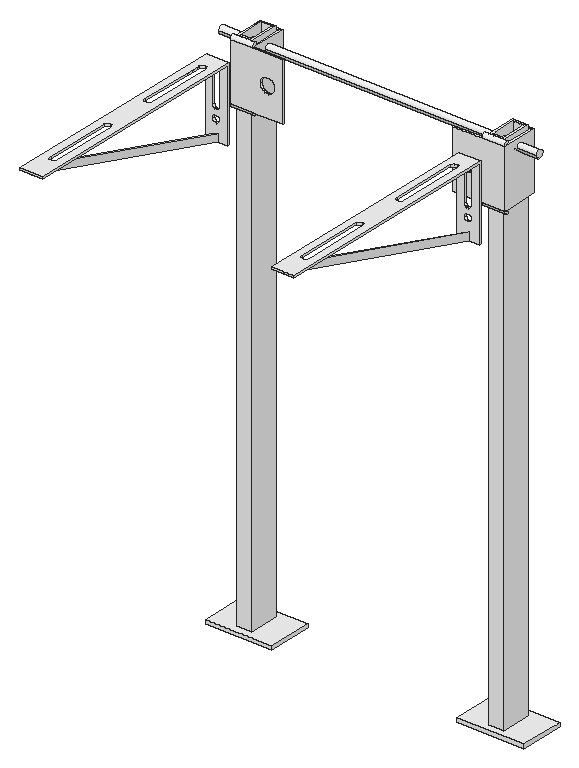
Revit family "Plumbing Fixture-Water_Closet_Carrier_Mifab_MC-40", category Plumbing Fixtures, host Face, Revit 2013
Parameters
  WFU = 0
  URL = "www.mifab.com"
  Model = "MC-40"
  Manufacturer = "MIFAB"
  Floor Drain Material = Paint - Sherwin Williams Paint - #952C2A - Bellwood Red
  Description = "Fixture Carrier With Exposed Arms"
  Default Elevation = 0.000"
  Assembly Code = ""
Reference planes (in)
  plane 1 "Center (Front/Back)": y = 0
  plane 2: z = 0
  plane 3 "Center (Left/Right)": x = 0
Forms (in)
  Extrusion 1, solid, material "Paint - Sherwin Williams Paint - #952C2A - Bellwood Red" <- "Floor Drain Material"
    sketch origin (0, 0, 0.64334) x (1, 0, 0) y (0, 1, 0)
      loop
        line (-10.75, 1.5) -> (-10.75, -1.5) -> (-6.25, -1.5) -> (-6.25, 1.5) -> (-10.75, 1.5)
      loop
        line (10.75, 1.5) -> (6.25, 1.5) -> (6.25, -1.5) -> (10.75, -1.5) -> (10.75, 1.5)
    from -0.64334 to -0.39334
  Extrusion 2, solid, material "Paint - Sherwin Williams Paint - #952C2A - Bellwood Red" <- "Floor Drain Material"
    sketch origin (0, 0, -0.64334) x (1, 0, 0) y (0, 1, 0)
      loop
        line (-9, 1) -> (-9, -1) -> (-8, -1) -> (-8, 1) -> (-9, 1)
      loop
        line (9, 1) -> (8, 1) -> (8, -1) -> (9, -1) -> (9, 1)
      loop
        line (-8.875, 0.875) -> (-8.875, -0.875) -> (-8.125, -0.875) -> (-8.125, 0.875) -> (-8.875, 0.875)
      loop
        line (8.875, 0.875) -> (8.125, 0.875) -> (8.125, -0.875) -> (8.875, -0.875) -> (8.875, 0.875)
    from 0.89334 to 36.64334
  Extrusion 3, solid, material "Paint - Sherwin Williams Paint - #952C2A - Bellwood Red" <- "Floor Drain Material"
    sketch origin (0, 0, 19.8427) x (1, 0, 0) y (0, 1, 0)
      loop
        line (-9.125, 1.125) -> (-9.125, -1.125) -> (-7.875, -1.125) -> (-7.875, 1.125) -> (-9.125, 1.125)
      loop
        line (-9.25, 1.25) -> (-9.25, -1.25) -> (-7.75, -1.25) -> (-7.75, 1.25) -> (-9.25, 1.25)
    from 15.9073 to 12
  Extrusion 4, solid, material "Paint - Sherwin Williams Paint - #952C2A - Bellwood Red" <- "Floor Drain Material"
    sketch origin (-9.25, 1.125, 19.8427) x (0, 1, 0) y (0, 0, -1)
      loop
        arc (-2.375, -15.9073) -> (-2.30178, -16.08408) -> (-2.125, -16.1573) r 0.25
        line (-2.125, -16.1573) -> (-2.125, -16.0323)
        arc (-2.125, -16.0323) -> (-2.21339, -15.99569) -> (-2.25, -15.9073) r 0.125
        line (-2.25, -15.9073) -> (-2.375, -15.9073)
      loop
        arc (-2.25, -12) -> (-2.21339, -11.91161) -> (-2.125, -11.875) r 0.125
        line (-2.125, -11.875) -> (-2.125, -11.75)
        arc (-2.125, -11.75) -> (-2.30178, -11.82322) -> (-2.375, -12) r 0.25
        line (-2.375, -12) -> (-2.25, -12)
    from 0 to -1.5
  Extrusion 5, solid, material "Paint - Sherwin Williams Paint - #952C2A - Bellwood Red" <- "Floor Drain Material"
    sketch origin (-9.25, 1.125, 19.8427) x (0, 1, 0) y (0, 0, -1)
      loop
        line (-20.125, -15.9073) -> (-4.375, -15.9073) -> (-4.375, -10.9073) -> (-4.5, -10.9073) -> (-4.5, -15.7823) -> (-20.125, -15.7823) -> (-20.125, -15.9073)
    from 0 to -1.5
  Extrusion 6, solid, material "Paint - Sherwin Williams Paint - #952C2A - Bellwood Red" <- "Floor Drain Material"
    sketch origin (0, 0, 19.8427) x (0, 1, 0) y (0, 0, 1)
      loop
        line (-3.375, 10.9073) -> (-3.375, 11.43107) -> (-17.32125, 15.7823) -> (-19, 15.7823) -> (-3.375, 10.9073)
    from -8.5625 to -8.4373
  Extrusion 7, void
    sketch origin (-9.25, -8.56169, 35.75) x (0, 1, 0) y (-1, 0, 0)
      loop
        arc (3.97373, -1) -> (4.22373, -0.75) -> (3.97373, -0.5) r 0.25
        line (3.97373, -0.5) -> (-0.52627, -0.5)
        arc (-0.52627, -0.5) -> (-0.77627, -0.75) -> (-0.52627, -1) r 0.25
        line (-0.52627, -1) -> (3.97373, -1)
      loop
        arc (-4.02627, -1) -> (-3.77627, -0.75) -> (-4.02627, -0.5) r 0.25
        line (-4.02627, -0.5) -> (-8.52627, -0.5)
        arc (-8.52627, -0.5) -> (-8.77627, -0.75) -> (-8.52627, -1) r 0.25
        line (-8.52627, -1) -> (-4.02627, -1)
    from 0 to -0.125
  Extrusion 8, void
    sketch origin (-9.25, -3.375, 31.19786) x (0, 0, 1) y (-1, 0, 0)
      loop
        arc (3.7543, -1) -> (4.0043, -0.75) -> (3.7543, -0.5) r 0.25
        line (3.7543, -0.5) -> (1.7543, -0.5)
        arc (1.7543, -0.5) -> (1.5043, -0.75) -> (1.7543, -1) r 0.25
        line (1.7543, -1) -> (3.7543, -1)
      loop
        circle (0.92242, -0.75) r 0.25
    from 0 to -1.42074
  Extrusion 9, solid, material "Paint - Sherwin Williams Paint - #952C2A - Bellwood Red" <- "Floor Drain Material"
    sketch origin (-7.46335, -1.25, 19.63243) x (-1, 0, 0) y (0, 0, -1)
      loop
        line (0.28665, -16.11757) -> (0.28665, -12.21027) -> (-1.71335, -12.21027) -> (-1.71335, -16.11757) -> (0.28665, -16.11757)
      loop
        circle (-0.72676, -14.18494) r 0.5
    from 0 to -0.125
  Extrusion 10, solid, material "Paint - Sherwin Williams Paint - #952C2A - Bellwood Red" <- "Floor Drain Material"
    sketch origin (0, 0, 19.8427) x (-1, 0, 0) y (0, -1, 0)
      loop
        line (-9.125, -1.125) -> (-7.875, -1.125) -> (-7.875, 1.125) -> (-9.125, 1.125) -> (-9.125, -1.125)
      loop
        line (-9.25, -1.25) -> (-7.75, -1.25) -> (-7.75, 1.25) -> (-9.25, 1.25) -> (-9.25, -1.25)
    from 15.9073 to 12
  Extrusion 11, solid, material "Paint - Sherwin Williams Paint - #952C2A - Bellwood Red" <- "Floor Drain Material"
    sketch origin (9.25, 1.125, 19.8427) x (0, 1, 0) y (0, 0, 1)
      loop
        line (-2.375, 15.9073) -> (-2.25, 15.9073)
        arc (-2.25, 15.9073) -> (-2.21339, 15.99569) -> (-2.125, 16.0323) r 0.125
        line (-2.125, 16.0323) -> (-2.125, 16.1573)
        arc (-2.125, 16.1573) -> (-2.30178, 16.08408) -> (-2.375, 15.9073) r 0.25
      loop
        line (-2.25, 12) -> (-2.375, 12)
        arc (-2.375, 12) -> (-2.30178, 11.82322) -> (-2.125, 11.75) r 0.25
        line (-2.125, 11.75) -> (-2.125, 11.875)
        arc (-2.125, 11.875) -> (-2.21339, 11.91161) -> (-2.25, 12) r 0.125
    from 0 to -1.5
  Extrusion 12, solid, material "Paint - Sherwin Williams Paint - #952C2A - Bellwood Red" <- "Floor Drain Material"
    sketch origin (9.25, 1.125, 19.8427) x (0, 1, 0) y (0, 0, 1)
      loop
        line (-20.125, 15.9073) -> (-20.125, 15.7823) -> (-4.5, 15.7823) -> (-4.5, 10.9073) -> (-4.375, 10.9073) -> (-4.375, 15.9073) -> (-20.125, 15.9073)
    from 0 to -1.5
  Extrusion 13, solid, material "Paint - Sherwin Williams Paint - #952C2A - Bellwood Red" <- "Floor Drain Material"
    sketch origin (0, 0, 19.8427) x (0, 1, 0) y (0, 0, -1)
      loop
        line (-3.375, -10.9073) -> (-19, -15.7823) -> (-17.32125, -15.7823) -> (-3.375, -11.43107) -> (-3.375, -10.9073)
    from -8.5625 to -8.4373
  Extrusion 14, solid, material "Paint - Sherwin Williams Paint - #952C2A - Bellwood Red" <- "Floor Drain Material"
    sketch origin (7.46335, -1.25, 20.05296) x (1, 0, 0) y (0, 0, 1)
      loop
        line (0.28665, 15.69704) -> (-1.71335, 15.69704) -> (-1.71335, 11.78973) -> (0.28665, 11.78973) -> (0.28665, 15.69704)
      loop
        circle (-0.72676, 13.76441) r 0.5
    from 0 to -0.125
  Extrusion 15, void
    sketch origin (9.25, -8.56169, 35.75) x (0, 1, 0) y (-1, 0, 0)
      loop
        line (3.97373, 1) -> (-0.52627, 1)
        arc (-0.52627, 1) -> (-0.77627, 0.75) -> (-0.52627, 0.5) r 0.25
        line (-0.52627, 0.5) -> (3.97373, 0.5)
        arc (3.97373, 0.5) -> (4.22373, 0.75) -> (3.97373, 1) r 0.25
      loop
        line (-4.02627, 1) -> (-8.52627, 1)
        arc (-8.52627, 1) -> (-8.77627, 0.75) -> (-8.52627, 0.5) r 0.25
        line (-8.52627, 0.5) -> (-4.02627, 0.5)
        arc (-4.02627, 0.5) -> (-3.77627, 0.75) -> (-4.02627, 1) r 0.25
    from 0 to -0.125
  Extrusion 16, void
    sketch origin (9.25, -3.375, 31.19786) x (0, 0, 1) y (-1, 0, 0)
      loop
        line (3.7543, 1) -> (1.7543, 1)
        arc (1.7543, 1) -> (1.5043, 0.75) -> (1.7543, 0.5) r 0.25
        line (1.7543, 0.5) -> (3.7543, 0.5)
        arc (3.7543, 0.5) -> (4.0043, 0.75) -> (3.7543, 1) r 0.25
      loop
        circle (0.92242, 0.75) r 0.25
    from 0 to -1.42074
  Extrusion 17, solid, material "Paint - Sherwin Williams Paint - #952C2A - Bellwood Red" <- "Floor Drain Material"
    sketch origin (0, 0, 0) x (0, 1, 0) y (0, 0, 1)
      loop
        circle (0, 35.24678) r 0.25
    from -10.83201 to 10.6093
Cuts and joins
  joined: Extrusion 1, Extrusion 2
  Extrusion 7, Extrusion 8, Extrusion 15, Extrusion 16 cuts Extrusion 5
  Extrusion 7, Extrusion 15 cuts Extrusion 6
  joined: Extrusion 3, Extrusion 4, Extrusion 9
  joined: Extrusion 10, Extrusion 14
  Extrusion 15, Extrusion 16 cuts Extrusion 12
Lines and regions (in)
  model lines
    curve 1: line (-8.5, 0, 36) -> (-8.5, 0, 30.75)
    curve 2: line (-8.5625, 0, 36) -> (-8.5625, 0, 30.75)
  reference lines
    curve 3: line (-8.4373, 0, 30.75) -> (-8.4373, 0, 36)
Dimensions and locks (in)
  Extrusion 2 to plane 3 "Center (Left/Right)" to Extrusion 2 = 9.000" locked, 9.000" locked
  locked: Extrusion 3 sketch curve to Extrusion 3 sketch curve at 2.25
  locked: Extrusion 3 sketch curve to Extrusion 3 sketch curve at 1.25
  locked: Extrusion 3 sketch curve to Extrusion 3 sketch curve at 0.125  (x2)
  locked: Extrusion 3 sketch curve to Extrusion 3 sketch curve at 1.5
  Extrusion 3 sketch curve to Extrusion 3 sketch curve = 2.500"
  locked: Extrusion 5 sketch curve to Extrusion 5 sketch curve at 0.125  (x2)
  locked: Extrusion 5 sketch curve to Extrusion 5 sketch curve at 5
  locked: Extrusion 5 sketch curve to Extrusion 5 sketch curve at 15.75
  Extrusion 6 sketch curve to Extrusion 6 sketch curve = 0.500"
  curve 1 to curve 3 = 0.0627"
  locked: Extrusion 7 sketch curve to Extrusion 5 at 0.75
  locked: Extrusion 10 sketch curve to Extrusion 10 sketch curve at 2.25
  locked: Extrusion 10 sketch curve to Extrusion 10 sketch curve at 1.25
  locked: Extrusion 10 sketch curve to Extrusion 10 sketch curve at 0.125  (x2)
  locked: Extrusion 10 sketch curve to Extrusion 10 sketch curve at 1.5
  Extrusion 10 sketch curve to Extrusion 10 sketch curve = 2.500"
  locked: Extrusion 12 sketch curve to Extrusion 12 sketch curve at 0.125  (x2)
  locked: Extrusion 12 sketch curve to Extrusion 12 sketch curve at 5
  locked: Extrusion 12 sketch curve to Extrusion 12 sketch curve at 15.75
  Extrusion 13 sketch curve to Extrusion 13 sketch curve = 0.500"
  aligned and locked: plane 2 to host face
  aligned and locked: level to host face
  aligned and locked: Extrusion 2 to Extrusion 1
  aligned and locked: Extrusion 1 to level
  aligned and locked: Extrusion 6 sketch curve to Extrusion 5  (x2)
  aligned and locked: Extrusion 5 to Extrusion 6 sketch curve  (x2)
  aligned and locked: Extrusion 12 to Extrusion 13 sketch curve  (x3)
  aligned and locked: Extrusion 13 sketch curve to Extrusion 12
